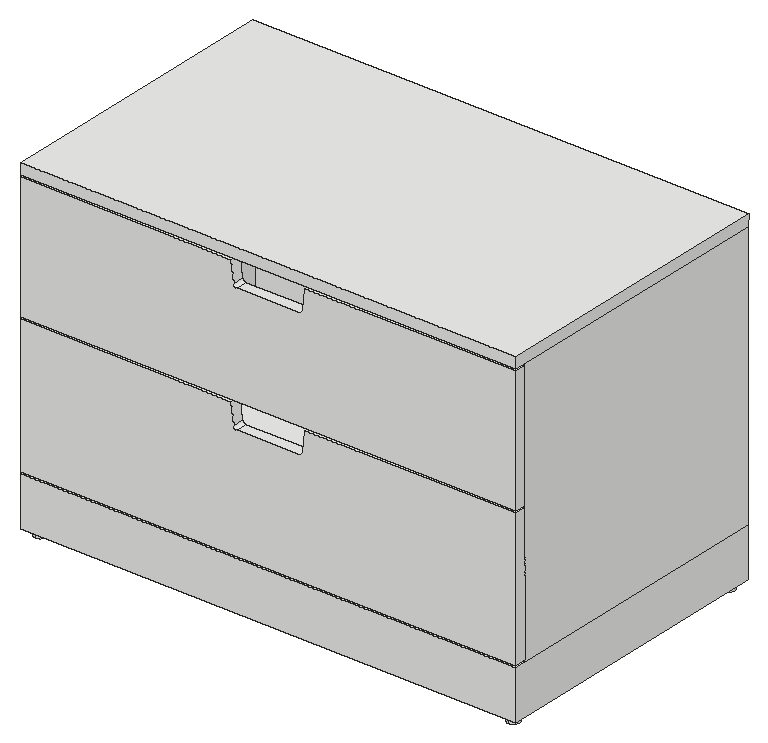
Revit family "NORDLI 2 RACKS", category Furniture, Revit 2019
Family settings
  OmniClass Number = 23.40.20.00
  OmniClass Title = General Furniture and Specialties
  Work Plane-Based = No
  Always vertical = Yes
  Cut with Voids When Loaded = No
  Shared = No
  Room Calculation Point = No
Parameters (values of type "80CM")
  www.revitwatch.com = ""
  Radius = 10 mm
  Length = 800 mm
  LMDP = 18 mm
  Height = 540 mm
  H2 = 19 mm
  H1 = 10 mm
  H = 450 mm
  Depth = 470 mm
  D/2 = D / 2  # 1.5 mm
  D = 3 mm
Types (3, lengths in mm): name | Length
  (no name) | 800
  80CM | 800
  40CM | 400
Reference planes
  plane 1 "Center (Front/Back)": y = 0
  plane 2: z = 0
  plane 3 "Center (Left/Right)": x = 0
  plane 4: x = -400
  plane 5: x = 400
  plane 6: y = -235
  plane 7: y = 235
  plane 8: z = 540
  plane 9: z = 90
  plane 10: z = 315
  plane 11: x = 382
  plane 12: x = -382
  plane 13: z = 522
  plane 14: y = 217
  plane 15: y = -217
  plane 16: z = 316.5
  plane 17: z = 313.5
  plane 18: z = 519
  plane 19: z = 93
  plane 20: z = 10
  plane 21: z = 294.5
  plane 22: z = 500
Forms (mm)
  Sweep 1, solid, material "White Paint"
    path origin (0, 0, 0) x (1, 0, 0) y (0, 0, 1)
      loop
        line (0, 90) -> (0, 10)
    profile origin (0, 0, 50) x (0, -1, 0) y (1, 0, 0)
      loop
        line (-235, -400) -> (235, -400) -> (235, 400) -> (-235, 400) -> (-235, -400)
  Sweep 2, solid, material "White Paint"
    path origin (0, 0, 0) x (1, 0, 0) y (0, 1, 0)
      loop
        line (0, -217) -> (0, -235)
    profile origin (0, -226, 0) x (1, 0, 0) y (0, 0, 1)
      loop
        line (-400, 313.5) -> (-400, 93) -> (400, 93) -> (400, 313.5) -> (-400, 313.5)
  Sweep 3, solid, material "White Paint"
    path origin (0, 0, 0) x (1, 0, 0) y (0, 1, 0)
      loop
        line (0, -217) -> (0, -235)
    profile origin (0, -226, 0) x (1, 0, 0) y (0, 0, 1)
      loop
        line (-400, 519) -> (-400, 316.5) -> (400, 316.5) -> (400, 519) -> (-400, 519)
  Sweep 4, solid, material "White Paint"
    path origin (0, 0, 0) x (0, 1, 0) y (0, 0, 1)
      loop
        line (0, 540) -> (0, 522)
    profile origin (0, 0, 531) x (1, 0, 0) y (0, 1, 0)
      loop
        line (-400, 235) -> (-400, -235) -> (400, -235) -> (400, 235) -> (-400, 235)
  Sweep 5, solid, material "White Paint"
    path origin (0, 0, 0) x (1, 0, 0) y (0, 0, 1)
      loop
        line (0, 522) -> (0, 90)
    profile origin (0, 0, 306) x (0, -1, 0) y (1, 0, 0)
      loop
        line (-235, -400) -> (217, -400) -> (217, -382) -> (-217, -382) -> (-217, 382) -> (217, 382) -> (217, 400) -> (-235, 400) -> (-235, -400)
  Sweep 6, solid, material "White Paint"
    path origin (0, 0, 0) x (1, 0, 0) y (0, 0, 1)
      loop
        line (-382, 10) -> (-382, 0)
    profile origin (-382, 0, 5) x (0, -1, 0) y (1, 0, 0)
      loop
        circle (217, 0) r 10
  Sweep 7, solid, material "White Paint"
    path origin (0, 0, 0) x (0, 1, 0) y (0, 0, 1)
      loop
        line (217, 10) -> (217, 0)
    profile origin (0, 217, 5) x (1, 0, 0) y (0, 1, 0)
      loop
        circle (-182, 0) r 10
  Sweep 8, solid, material "White Paint"
    path origin (0, 0, 0) x (1, 0, 0) y (0, 0, 1)
      loop
        line (382, 10) -> (382, 0)
    profile origin (382, 0, 5) x (0, -1, 0) y (1, 0, 0)
      loop
        circle (-217, 0) r 10
  Sweep 9, solid, material "White Paint"
    path origin (0, 0, 0) x (1, 0, 0) y (0, 0, 1)
      loop
        line (382, 10) -> (382, 0)
    profile origin (382, 0, 5) x (0, -1, 0) y (1, 0, 0)
      loop
        circle (217, 0) r 10
  Sweep 10, void
    path origin (236.392, 0, 294.5) x (1, 0, 0) y (0, 1, 0)
      loop
        line (-236.392, -217) -> (-236.392, -235)
    profile "VOID : VOID" origin (0, -226, 294.5) x (1, 0, 0) y (0, 0, 1)
      loop
        line (-60, 19) -> (-55.873, -14.609)
        arc (-55.873, -14.609) -> (-54.224, -17.745) -> (-50.911, -19) r 5
        line (-50.911, -19) -> (50.911, -19)
        arc (50.911, -19) -> (54.224, -17.745) -> (55.873, -14.609) r 5
        line (55.873, -14.609) -> (60, 19) -> (-60, 19)
  Sweep 11, void
    path origin (236.392, 0, 500) x (1, 0, 0) y (0, 1, 0)
      loop
        line (-236.392, -217) -> (-236.392, -235)
    profile "VOID : VOID" origin (0, -226, 500) x (1, 0, 0) y (0, 0, 1)
      loop
        line (-60, 19) -> (-55.873, -14.609)
        arc (-55.873, -14.609) -> (-54.224, -17.745) -> (-50.911, -19) r 5
        line (-50.911, -19) -> (50.911, -19)
        arc (50.911, -19) -> (54.224, -17.745) -> (55.873, -14.609) r 5
        line (55.873, -14.609) -> (60, 19) -> (-60, 19)
Cuts and joins
  Sweep 10 cuts Sweep 2
  Sweep 11 cuts Sweep 3
Dimensions and locks
  equal spacing: plane 6, plane 1 "Center (Front/Back)", plane 7
  equal spacing: plane 4, plane 3 "Center (Left/Right)", plane 5
  "Length": plane 4 to plane 5
  "Depth": plane 6 to plane 7
  "Height": plane 8 to level
  "H": plane 8 to plane 9
  equal spacing: plane 8, plane 10, plane 9
  "LMDP": plane 15 to plane 6
  "LMDP": plane 7 to plane 14
  "LMDP": plane 11 to plane 5
  "LMDP": plane 4 to plane 12
  "LMDP": plane 8 to plane 13
  "D": plane 13 to plane 18
  "D": plane 19 to plane 9
  "D/2": plane 16 to plane 10
  "D/2": plane 10 to plane 17
  "H1": plane 20 to level
  plane 9 to plane 20 = 80 mm
  "H2": plane 22 to plane 18
  "H2": plane 21 to plane 17
  "Radius": radius of Sweep 6 sketch curve
  "Radius": radius of Sweep 7 sketch curve
  "Radius": radius of Sweep 8 sketch curve
  "Radius": radius of Sweep 9 sketch curve
  aligned and locked: level to plane 2
  aligned and locked: Sweep 1 sketch curve to plane 3 "Center (Left/Right)"
  aligned and locked: plane 9 to Sweep 1 sketch curve
  aligned and locked: plane 4 to Sweep 1 sketch curve
  aligned and locked: plane 7 to Sweep 1 sketch curve
  aligned and locked: Sweep 1 sketch curve to plane 5
  aligned and locked: Sweep 1 sketch curve to plane 6
  aligned and locked: plane 6 to Sweep 2 sketch curve
  aligned and locked: plane 15 to Sweep 2 sketch curve
  aligned and locked: Sweep 2 sketch curve to plane 3 "Center (Left/Right)"
  aligned and locked: Sweep 2 sketch curve to plane 5
  aligned and locked: plane 4 to Sweep 2 sketch curve
  aligned and locked: plane 15 to Sweep 3 sketch curve
  aligned and locked: plane 6 to Sweep 3 sketch curve
  aligned and locked: Sweep 3 sketch curve to plane 3 "Center (Left/Right)"
  aligned and locked: plane 4 to Sweep 3 sketch curve
  aligned and locked: Sweep 3 sketch curve to plane 5
  aligned and locked: Sweep 4 sketch curve to plane 1 "Center (Front/Back)"
  aligned and locked: plane 13 to Sweep 4 sketch curve
  aligned and locked: plane 8 to Sweep 4 sketch curve
  aligned and locked: Sweep 4 sketch curve to plane 5
  aligned and locked: plane 7 to Sweep 4 sketch curve
  aligned and locked: plane 4 to Sweep 4 sketch curve
  aligned and locked: plane 9 to Sweep 5 sketch curve
  aligned and locked: Sweep 5 sketch curve to plane 3 "Center (Left/Right)"
  aligned and locked: Sweep 5 sketch curve to plane 5
  aligned and locked: plane 7 to Sweep 5 sketch curve
  aligned and locked: plane 4 to Sweep 5 sketch curve
  aligned and locked: Sweep 5 sketch curve to plane 15  (x2)
  aligned and locked: plane 11 to Sweep 5 sketch curve
  aligned and locked: Sweep 5 sketch curve to plane 14
  aligned and locked: Sweep 5 sketch curve to plane 12
  aligned and locked: plane 13 to Sweep 5 sketch curve
  aligned and locked: Sweep 4 sketch curve to plane 6
  aligned and locked: Sweep 3 sketch curve to plane 18
  aligned and locked: Sweep 3 sketch curve to plane 16
  aligned and locked: Sweep 2 sketch curve to plane 17
  aligned and locked: Sweep 2 sketch curve to plane 19
  aligned and locked: plane 20 to Sweep 1 sketch curve
  aligned and locked: plane 12 to Sweep 6 sketch curve
  aligned and locked: plane 20 to Sweep 6 sketch curve
  aligned and locked: level to Sweep 6 sketch curve
  aligned and locked: plane 2 to Sweep 7 sketch curve
  aligned and locked: plane 20 to Sweep 7 sketch curve
  aligned and locked: plane 14 to Sweep 7 sketch curve
  aligned and locked: plane 11 to Sweep 8 sketch curve
  aligned and locked: Sweep 8 sketch curve to plane 20
  aligned and locked: plane 2 to Sweep 8 sketch curve
  aligned and locked: plane 11 to Sweep 9 sketch curve
  aligned and locked: Sweep 9 sketch curve to plane 20
  aligned and locked: plane 2 to Sweep 9 sketch curve
  aligned and locked: Sweep 10 sketch curve to plane 3 "Center (Left/Right)"
  aligned and locked: plane 15 to Sweep 10 sketch curve
  aligned and locked: plane 6 to Sweep 10 sketch curve
  aligned and locked: Sweep 11 sketch curve to plane 3 "Center (Left/Right)"
  aligned and locked: plane 15 to Sweep 11 sketch curve
  aligned and locked: plane 6 to Sweep 11 sketch curve
Automatic sketch dimensions
  Sweep 6 sketch curve to profile plane = 0 mm
  plane 1 "Center (Front/Back)" to Sweep 6 sketch curve = 217 mm
  profile plane to Sweep 7 sketch curve = 0 mm
  Sweep 7 sketch curve to plane 3 "Center (Left/Right)" = 182 mm
  Sweep 8 sketch curve to profile plane = 0 mm
  Sweep 8 sketch curve to plane 1 "Center (Front/Back)" = 217 mm
  Sweep 9 sketch curve to profile plane = 0 mm
  plane 1 "Center (Front/Back)" to Sweep 9 sketch curve = 217 mm
